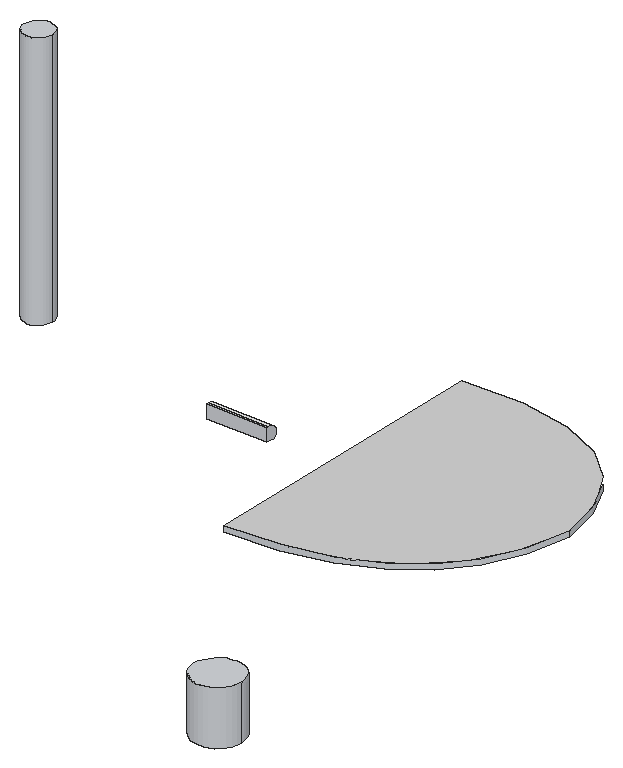
Revit family "CS007602___1CW_RevB", category Aparatos sanitarios, Revit 2019
Family settings
  Cota de conector redondo = Diámetro de uso
  Tipo de pieza = Normal
  Número OmniClass = 23.45.00.00
  Título OmniClass = Sanitary, Laundry, and Cleaning Equipment
  Se basa en plano de trabajo = No
  Siempre vertical = Sí
  Corte con vacíos al cargar = No
  Compartido = No
  Punto de cálculo de habitación = No
Parameters (values of type "Bidet_Altima_Blanco")
  _EDESA_Revisado = "Calidad.Planos@edesa.com.ec"
  _EDESA_ BIM Manager = "Ing. Evelyn Gavilanez"
  _EDESA_ Autor BIM = "http://www1.veraquintana.net/_sitevq/"
  _BRIGGS_Tipo de instalación = "Al piso"
  _BRIGGS_TIPO = "Variable"
  _BRIGGS_SKU = "SG0059253061BO"
  _BRIGGS_Profundidad (cm) = "61.80"
  _BRIGGS_Productos necesarios para la instalación = "Grifería, Desagüe 1 1/4\", Sifón 1 1/4\", Silicón"
  Uniformat II Description = ""
  Productos incluidos = ""
  _BRIGGS_Peso (Kg) = "17.00"
  _BRIGGS_Nombre = "Bidet Altima"
  _BRIGGS_Materiales = "Cerámica Sanitaria"
  _BRIGGS_Marca = "Briggs"
  _BRIGGS_Manual de instalación = "https://www.briggs.com.ec/productos/instructivos/Briggs/Sanitarios/Bidet.pdf"
  _BRIGGS_Garantía = "De por vida en funcionamiento y acabado de la cerámica sanitaria"
  _BRIGGS_Ficha_Tecnica = "https://www.briggs.com.ec/productos/fichastecnicaspdf/Briggs/Sanitarios/Bidet_"
  _BRIGGS_Distancia de instalación = "30.50"
  _BRIGGS_Descripcion = "Bidet para grifería monomando con descarga al piso."
  _BRIGGS_Cumple normativa ADA = ""
  _BRIGGS_Contacto_comercial = "(02) 395 2900"
  _BRIGGS_Consumo/Capacidad = ""
  _BRIGGS_Consumo de agua litros por minuto = ""
  _BRIGGS_Conexión hidráulica = "Entrada de agua: tubería ø 1/2\" Salida de agua: tubería PVC 50"
  _BRIGGS_Colores/Acabado = "Blanco, bone"
  _BRIGGS_Certificación = "Cumple con norma NTE INEN 3082"
  _BRIGGS_Categoria = "Productos > Sanitarios > Institucional"
  _BRIGGS_Ancho (cm) = "38.90"
  _BRIGGS_Alto (cm) = "37.30"
  Omniclass Code = "23.45.05.00"
  Diámetro agua sanitaria = 50 mm
  Diámetro agua fría = 12.7 mm
Reference planes
  plane 1 "Center (Front/Back)": y = 0
  plane 2: z = 0
  plane 3 "Center (Left/Right)": x = 0
Forms (mm)
  Extrusion 1, solid
    sketch origin (0, 0, 0) x (1, 0, 0) y (0, 1, 0)
      loop
        circle (77.395, 78.704) r 22
    from 0 to 50
  Extrusion 2, solid
    sketch origin (-82.857, 75.618, 524.651) x (1, 0, 0) y (0, 1, 0)
      loop
        circle (-1.95, -0.452) r 13
    from 0 to -236.667
  Extrusion 3, solid
    sketch origin (208.62, 75.678, 274.31) x (0.999036, 0, 0.04389) y (0, 1, 0)
      loop
        line (-13.382, 136.199) -> (-13.382, -137.318)
        spline (-13.382, -137.318) -> (16.866, -137.333) -> (44.775, -135.272) -> (70.346, -131.137) -> (93.578, -124.928) -> (114.47, -116.643) -> (133.024, -106.284) -> (149.239, -93.85) -> (163.115, -79.342) -> (174.653, -62.758) -> (183.851, -44.1) -> (190.71, -23.367) -> (195.231, -0.56)
        spline (195.231, -0.56) -> (190.71, 22.248) -> (183.851, 42.98) -> (174.653, 61.639) -> (163.115, 78.222) -> (149.239, 92.73) -> (133.024, 105.164) -> (114.47, 115.524) -> (93.578, 123.808) -> (70.346, 130.018) -> (44.775, 134.153) -> (16.866, 136.213) -> (-13.382, 136.199)
    from 0 to -5
  Extrusion 4, solid
    sketch origin (195.25, 75.548, 190.475) x (0, 0, 1) y (0, -1, 0)
      loop
        line (188.05, 148.387) -> (188.05, 151.019) -> (176.275, 151.019) -> (176.05, 148.387) -> (175.55, 142.53)
        spline (175.55, 142.53) -> (177.505, 141.09) -> (179, 140.727) -> (180.16, 140.717) -> (181.108, 140.732) -> (181.959, 140.786) -> (182.815, 140.919) -> (183.723, 141.225) -> (184.718, 141.812) -> (185.822, 142.781) -> (186.902, 144.187) -> (187.724, 146.049) -> (188.05, 148.387)
    from 50.441 to -5
Dimensions and locks
  aligned and locked: level to plane 2
Connectors
  piping at (-84.806, 75.165, 287.983), diameter 12.7, driven by "Diámetro agua fría"
    settings: on Extrusion 2, index 1, connector inside diameter 609.6 mm, connector length 0 mm, flow factor 0, pipe flow 0.0 L/s, pressure drop 0.0 Pa, fitting loss kfactor 0, connector angle 0.00°, fixture units 0, engagement length 0 mm, angle of deflection 0.00°, flow configuration 0, flow direction 0, fitting loss method 0, system type 20, joint type 0, gender type 0, connector reference index -1, connector utility 0, adjustable connector no, is connector primary yes, connector description ""
  piping at (77.395, 78.704, 0), diameter 50, driven by "Diámetro agua sanitaria"
    settings: on Extrusion 1, index 2, connector inside diameter 609.6 mm, connector length 0 mm, flow factor 0, pipe flow 0.0 L/s, pressure drop 0.0 Pa, fitting loss kfactor 0, connector angle 0.00°, fixture units 0, engagement length 0 mm, angle of deflection 0.00°, flow configuration 0, flow direction 0, fitting loss method 0, system type 20, joint type 0, gender type 0, connector reference index -1, connector utility 0, adjustable connector no, is connector primary no, connector description ""
